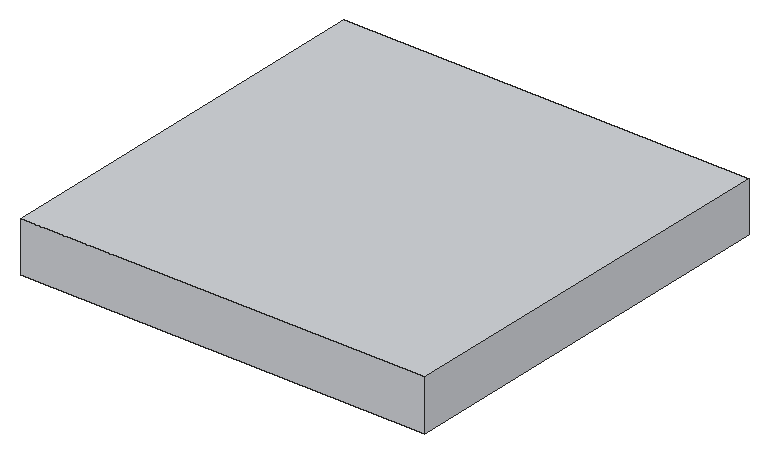
Revit family "3cde51f9ef9e47a5a1558cace0f53997", category Lighting Fixtures, host Face, Revit 2021
Family settings
  Host = Face
  Round Connector Dimension = Use Diameter
  Part Type = Normal
  OmniClass Number = 23.80.70.11.11
  OmniClass Title = General Luminaries, Non Directional
  Seek Item ID = Plain Surface Lighting Fixture-0000-USA-ENU
  Cut with Voids When Loaded = No
  Light Source = Yes
  Shared = No
  Room Calculation Point = No
Parameters (values of type "4x4 - 277")
  Width 1 = Width / 2  # 2' - 0"
  Width = 4' - 0"
  Wattage = 192 W
  built-in parameter 1150110 = 1 (stored number, unit not read)
  built-in parameter 1150109 = 1 (stored number, unit not read)
  built-in parameter 1150134 = (empty or 0)
  built-in parameter 1150113 = 1 (stored number, unit not read)
  Tilt Angle = -90.00°
  Lumens = 18900.5 lm
  built-in parameter 1114217 = 0.88 (stored number, unit not read)
  built-in parameter 1150115 = 1 (stored number, unit not read)
  built-in parameter 1150105 = 1504.1 (stored number, unit not read)
  Load Classification = Lighting - Dwelling Unit
  built-in parameter 1150137 = 1
  built-in parameter 1150139 = (empty or 0)
  Length 1 = Length / 2  # 2' - 0"
  Length = 4' - 0"
  Photometric Web File = "S4x46A12.ies"
  built-in parameter 1150112 = 1 (stored number, unit not read)
  built-in parameter 1150114 = 1 (stored number, unit not read)
  built-in parameter 1150132 = (empty or 0)
  built-in parameter 1150102 = (empty or 0)
  built-in parameter 1150138 = (empty or 0)
  built-in parameter 1150107 = 3000 (stored number, unit not read)
  built-in parameter 1150106 = 15.041 (stored number, unit not read)
  Emit from Rectangle Width = Width  # 4' - 0"
  Emit from Rectangle Length = Length  # 4' - 0"
  Emit Shape Visible in Rendering = no
  built-in parameter 1150104 = 9.1454 (stored number, unit not read)
  Dimming Lamp Color Temperature Shift = <None>
  Depth = 0' - 6"
  Default Elevation = 4' - 0"
  Color Filter = 16777215
  built-in parameter 1140040 [instance] = 1
  Ballast Voltage = 277 V
  built-in parameter 1114218 = 0.88 (stored number, unit not read)
  built-in parameter 1150133 = 10 (stored number, unit not read)
  Assembly Code = ""
  Apparent Load = 192 VA
Types (8): name | Width 1 | Width | Wattage | built-in parameter 1150134 | Lumens | built-in parameter 1150105 | Length 1 | Length | Photometric Web File | built-in parameter 1150107 | built-in parameter 1150106 | Emit from Rectangle Width | Emit from Rectangle Length | built-in parameter 1150104 | Ballast Voltage | Apparent Load
  1x4 - 120 | 0' - 6" | 1' - 0" | 64 W | 8 | 5800.32 lm | 461.57 (stored number, unit not read) | 2' - 0" | 4' - 0" | "S1x42A12.ies" | 4230 (stored number, unit not read) | 4.6157 (stored number, unit not read) | 1' - 0" | 4' - 0" | 8.4198 (stored number, unit not read) | 120 V | 64 VA
  1x4 - 277 | 0' - 6" | 1' - 0" | 64 W | 8 | 5800.32 lm | 461.57 (stored number, unit not read) | 2' - 0" | 4' - 0" | "S1x42A12.ies" | 4230 (stored number, unit not read) | 4.6157 (stored number, unit not read) | 1' - 0" | 4' - 0" | 8.4198 (stored number, unit not read) | 277 V | 64 VA
  2x2 - 120 | 1' - 0" | 2' - 0" | 62 W | 8 | 5599.84 lm | 445.62 (stored number, unit not read) | 1' - 0" | 2' - 0" | "S2x22UA12.ies" | 4230 (stored number, unit not read) | 4.4562 (stored number, unit not read) | 2' - 0" | 2' - 0" | 8.391 (stored number, unit not read) | 120 V | 62 VA
  2x2 - 277 | 1' - 0" | 2' - 0" | 62 W | 8 | 5599.84 lm | 445.62 (stored number, unit not read) | 1' - 0" | 2' - 0" | "S2x22UA12.ies" | 4230 (stored number, unit not read) | 4.4562 (stored number, unit not read) | 2' - 0" | 2' - 0" | 8.391 (stored number, unit not read) | 277 V | 62 VA
  2x4 - 120 | 1' - 0" | 2' - 0" | 96 W | 8 | 8700.48 lm | 692.36 (stored number, unit not read) | 2' - 0" | 4' - 0" | "S2x43A12.ies" | 4230 (stored number, unit not read) | 6.9236 (stored number, unit not read) | 2' - 0" | 4' - 0" | 8.4198 (stored number, unit not read) | 120 V | 96 VA
  2x4 - 277 | 1' - 0" | 2' - 0" | 96 W | 8 | 8700.48 lm | 692.36 (stored number, unit not read) | 2' - 0" | 4' - 0" | "S2x43A12.ies" | 4230 (stored number, unit not read) | 6.9236 (stored number, unit not read) | 2' - 0" | 4' - 0" | 8.4198 (stored number, unit not read) | 277 V | 96 VA
  4x4 - 120 | 2' - 0" | 4' - 0" | 192 W | 8 | 18900.5 lm | 1504.1 (stored number, unit not read) | 2' - 0" | 4' - 0" | "S4x46A12.ies" | 4230 (stored number, unit not read) | 15.041 (stored number, unit not read) | 4' - 0" | 4' - 0" | 9.1454 (stored number, unit not read) | 120 V | 192 VA
  4x4 - 277 | 2' - 0" | 4' - 0" | 192 W | (empty or 0) | 18900.5 lm | 1504.1 (stored number, unit not read) | 2' - 0" | 4' - 0" | "S4x46A12.ies" | 3000 (stored number, unit not read) | 15.041 (stored number, unit not read) | 4' - 0" | 4' - 0" | 9.1454 (stored number, unit not read) | 277 V | 192 VA
Reference planes (in)
  plane 1 "none": y = -18.92436
  plane 2: z = 0
  plane 3 "Center (Left/Right)": x = -36.96268
  plane 4 "Center (Front/Back)": y = 29.07564
  plane 5: x = 11.03732
  plane 6: z = 6
  plane 7: y = 5.07564
  plane 8: x = -12.96268
Forms (in)
  Extrusion 1, solid
    sketch origin (0, 0, 0) x (1, 0, 0) y (0, 1, 0)
      loop
        line (-36.96268, 29.07564) -> (-36.96268, -18.92436) -> (11.03732, -18.92436) -> (11.03732, 29.07564) -> (-36.96268, 29.07564)
    from 0 to 6
Dimensions and locks (in)
  "Width": plane 1 "none" to plane 4 "Center (Front/Back)"
  "Length": plane 3 "Center (Left/Right)" to plane 5
  "Depth": host face to plane 6
  "Width 1": plane 4 "Center (Front/Back)" to plane 7
  "Length 1": plane 3 "Center (Left/Right)" to plane 8
  aligned and locked: plane 2 to host face
  aligned and locked: level to host face
  aligned and locked: plane 3 "Center (Left/Right)" to Extrusion 1 sketch curve
  aligned and locked: Extrusion 1 sketch curve to plane 4 "Center (Front/Back)"
  aligned and locked: plane 1 "none" to Extrusion 1 sketch curve
  aligned and locked: Extrusion 1 sketch curve to plane 5
  aligned and locked: Extrusion 1 to plane 6
  aligned and locked: plane 7 to imposter light
  aligned and locked: plane 6 to imposter light
  aligned and locked: plane 8 to imposter light
Automatic sketch dimensions
  host sketch curve to host sketch curve = 11' - 0.96268"
  host sketch curve to host sketch curve = 7' - 6.92436"
Connectors (in)
  electrical at (-12.96268, 5.07564, 6), driven by "Apparent Load", driven by "Ballast Voltage", driven by "Load Classification"
    settings: on Extrusion 1, index 1, voltage 277 V, apparent load 0 VA, apparent load phase1 192 VA, apparent load phase2 0 VA, apparent load phase3 0 VA, power factor 0.95, load classification "Lighting - Dwelling Unit", number of poles 1, system type 31, power factor state 1, is connector primary yes, connector utility no, sub classification motor no, connector description ""
